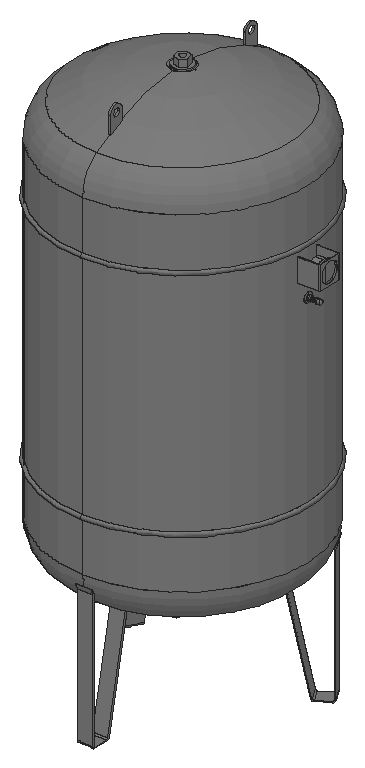
Revit family "MIT-750-ET (Vertical)", category Specialty Equipment, Revit 2022
Family settings
  Round Connector Dimension = Use Diameter
  Part Type = Normal
  Work Plane-Based = No
  Always vertical = Yes
  Cut with Voids When Loaded = No
  Maintain Annotation Orientation = No
  Shared = No
  Room Calculation Point = No
Parameters
  URL = "https://en.ekinendustriyel.com/expansion-tanks"
  Test Pressure = 15.0 bar
  Production Standard = "TS EN 13831"
  Precharge Pressure = 4.0 bar
  Operating Pressure = 10.0 bar
  Model = "MIT-750-ET_(Vertical)"
  Manufacturer = "Ekin Endüstriyel"
  Keynote = "Expension Tank"
  Description = "MIT-Expension Tank"
  Default Elevation = 0 mm
Reference planes
  plane 1 "Center (Front/Back)": y = 0
  plane 2: z = 0
  plane 3 "Center (Left/Right)": x = 0
Forms (mm)
  Revolve 1, solid, material "Ekin Endustriyel-S235JR", detail levels medium+fine
    sketch origin (0, -4294.015, 0) x (0, 1, 0) y (0, 0, 1)
      loop
        line (4294.015, 1784.336) -> (4294.015, 1782.511) -> (4331.581, 1782.511)
        arc (4331.581, 1782.511) -> (4491.062, 1750.584) -> (4637.292, 1679.378) r 638.141
        arc (4637.292, 1679.378) -> (4677.478, 1635.578) -> (4692.038, 1577.948) r 121.334
        line (4692.038, 1577.948) -> (4692.038, 495.999)
        arc (4692.038, 495.999) -> (4677.548, 438.551) -> (4637.546, 394.846) r 121.131
        arc (4637.546, 394.846) -> (4520.39, 334.098) -> (4393.201, 298.899) r 634.502
        arc (4393.201, 298.899) -> (4384.107, 292.32) -> (4374.387, 286.709) r 109.367
        line (4374.387, 286.709) -> (4294.015, 286.709) -> (4294.015, 284.852) -> (4375.078, 284.852)
        arc (4375.078, 284.852) -> (4385.154, 290.468) -> (4394.59, 297.104) r 110.567
        arc (4394.59, 297.104) -> (4521.62, 332.433) -> (4638.647, 393.176) r 636.502
        arc (4638.647, 393.176) -> (4679.309, 437.602) -> (4694.038, 495.999) r 123.131
        line (4694.038, 495.999) -> (4694.038, 654.845)
        arc (4694.038, 654.845) -> (4701.113, 661.921) -> (4694.038, 668.996) r 7.076
        line (4694.038, 668.996) -> (4694.038, 1404.845)
        arc (4694.038, 1404.845) -> (4701.113, 1411.921) -> (4694.038, 1418.996) r 7.076
        line (4694.038, 1418.996) -> (4694.038, 1577.948)
        arc (4694.038, 1577.948) -> (4679.238, 1636.528) -> (4638.39, 1681.05) r 123.334
        arc (4638.39, 1681.05) -> (4492.827, 1752.098) -> (4334.09, 1784.336) r 640.141
        line (4334.09, 1784.336) -> (4294.015, 1784.336)
      axis (4294.015, 284.852) -> (4294.015, 1784.336)
    angle from 0 to 360
  Extrusion 2, solid, material "Ekin Endustriyel-S235JR", detail levels coarse
    sketch origin (-657.432, -435.002, 307.253) x (1, 0, 0) y (0, 1, 0)
      loop
        circle (657.432, 435.002) r 120
    from -35.733 to -33.733
  Revolve 3, solid, material "Ekin Endustriyel-S235JR", detail levels fine
    sketch origin (1889.95, -0.025, 236.542) x (1, 0, 0) y (0, 0, 1)
      loop
        line (-1923.189, -7.022) -> (-1914.796, -7.022) -> (-1915.864, -6.154) -> (-1914.638, -5.158) -> (-1915.864, -4.162) -> (-1914.638, -3.165) -> (-1915.864, -2.169) -> (-1914.638, -1.173) -> (-1915.864, -0.177) -> (-1914.638, 0.82) -> (-1915.864, 1.816) -> (-1914.638, 2.812) -> (-1915.864, 3.808) -> (-1914.638, 4.804) -> (-1915.864, 5.801) -> (-1914.638, 6.797) -> (-1915.864, 7.793) -> (-1914.638, 8.789) -> (-1915.864, 9.786) -> (-1914.638, 10.782) -> (-1915.864, 11.778) -> (-1914.638, 12.774) -> (-1915.864, 13.77) -> (-1914.638, 14.767) -> (-1915.864, 15.763) -> (-1914.638, 16.759) -> (-1915.864, 17.755) -> (-1914.638, 18.752) -> (-1915.864, 19.748) -> (-1914.638, 20.744) -> (-1915.864, 21.74) -> (-1914.638, 22.736) -> (-1915.864, 23.733) -> (-1914.638, 24.729) -> (-1915.864, 25.725) -> (-1914.638, 26.721) -> (-1915.864, 27.718) -> (-1914.13, 29.126) -> (-1914.13, 33.093)
        arc (-1914.13, 33.093) -> (-1914.682, 34.426) -> (-1916.015, 34.978) r 1.885
        line (-1916.015, 34.978) -> (-1923.189, 34.978) -> (-1923.189, -7.022)
      axis (-1890, 34.978) -> (-1890, -7.022)
    angle from 0 to 360
  Extrusion 4, solid, material "Ekin Endustriyel-S235JR", detail levels fine
    sketch origin (-657.432, -435.002, 338.253) x (0, 1, 0) y (1, 0, 0)
      loop
        line (443.262, 542.469) -> (445.357, 553.247) -> (437.07, 560.451) -> (426.689, 556.876) -> (424.594, 546.098) -> (432.88, 538.895) -> (443.262, 542.469)
      loop
        line (339.571, 592.798) -> (349.952, 596.373) -> (352.047, 607.151) -> (343.761, 614.354) -> (333.379, 610.779) -> (331.284, 600.001) -> (339.571, 592.798)
      loop
        line (331.311, 707.761) -> (339.598, 700.558) -> (349.979, 704.132) -> (352.074, 714.91) -> (343.788, 722.114) -> (333.406, 718.539) -> (331.311, 707.761)
      loop
        line (426.743, 772.396) -> (424.648, 761.618) -> (432.934, 754.414) -> (443.315, 757.989) -> (445.41, 768.767) -> (437.124, 775.97) -> (426.743, 772.396)
      loop
        line (530.433, 592.798) -> (538.72, 600.001) -> (536.625, 610.779) -> (526.243, 614.354) -> (517.957, 607.151) -> (520.052, 596.373) -> (530.433, 592.798)
      loop
        line (538.693, 707.761) -> (536.598, 718.539) -> (526.216, 722.114) -> (517.93, 714.91) -> (520.025, 704.132) -> (530.406, 700.558) -> (538.693, 707.761)
    from 66.733 to 74.733
  Extrusion 5, solid, material "Ekin Endustriyel-S235JR", detail levels fine
    sketch origin (-657.432, -435.002, 300.761) x (1, 0, 0) y (0, 1, 0)
      loop
        circle (711.472, 341.424) r 6
      loop
        circle (603.471, 341.502) r 6
      loop
        circle (549.197, 435.002) r 6
      loop
        circle (603.315, 528.737) r 6
      loop
        circle (711.394, 528.581) r 6
      loop
        circle (765.512, 435.002) r 6
    from -9.143 to -29.241
  Extrusion 6, solid, material "Ekin Endustriyel-S235JR", detail levels medium
    sketch origin (1329.95, -1405.383, 267.542) x (0, 1, 0) y (1, 0, 0)
      loop
        circle (1405.357, -1330) r 33.189
      loop
        circle (1405.357, -1330) r 24.638
    from 38.022 to -3.978
  Extrusion 7, solid, material "Ekin Endustriyel-S235JR", detail levels coarse
    sketch origin (1329.95, -1405.383, 267.542) x (0, 1, 0) y (1, 0, 0)
      loop
        arc (1372.168, -1330) -> (1388.495, -1358.586) -> (1421.412, -1359.048) r 33.189
        arc (1421.412, -1359.048) -> (1422.22, -1301.414) -> (1372.168, -1330) r 33.189
    from -3.978 to 38.022
  Extrusion 8, solid, material "Ekin Endustriyel-S235JR", detail levels medium+fine
    sketch origin (-657.432, -1240.002, 338.253) x (0, 1, 0) y (1, 0, 0)
      loop
        circle (1240.002, 657.432) r 120
      loop
        circle (1146.424, 711.472) r 6
      loop
        circle (1240.002, 765.512) r 6
      loop
        circle (1333.581, 711.394) r 6
      loop
        circle (1333.737, 603.315) r 6
      loop
        circle (1240.002, 549.197) r 6
      loop
        circle (1146.502, 603.471) r 6
      loop
        circle (1131.912, 657.393) r 6
      loop
        circle (1185.934, 750.982) r 6
      loop
        circle (1294.034, 750.904) r 6
      loop
        circle (1348.209, 657.383) r 6
      loop
        circle (1294.091, 563.648) r 6
      loop
        circle (1185.981, 563.901) r 6
    from 66.733 to 64.733
  Extrusion 9, solid, material "Ekin Endustriyel-S235JR", detail levels coarse
    sketch origin (-518.446, -4269.015, 42.174) x (0, 1, 0) y (-1, 0, 0)
      loop
        circle (4269.015, -518.446) r 407
    from 239.842 to 1742.162
  Extrusion 10, solid, material "Ekin Endustriyel-S235JR", detail levels fine
    sketch origin (-910.327, -1224.015, 0) x (0, 1, 0) y (0, 0, 1)
      loop
        line (1516.423, 1711.727) -> (1516.423, 1766.695)
        arc (1516.423, 1766.695) -> (1493.908, 1789.211) -> (1471.392, 1766.695) r 22.516
        line (1471.392, 1766.695) -> (1471.392, 1733.38)
        arc (1471.392, 1733.38) -> (1494.107, 1722.968) -> (1516.423, 1711.727) r 679.266
      loop
        circle (1493.864, 1766.649) r 13.5
      loop
        arc (931.607, 1711.727) -> (953.924, 1722.968) -> (976.639, 1733.38) r 679.266
        line (976.639, 1733.38) -> (976.639, 1766.695)
        arc (976.639, 1766.695) -> (954.123, 1789.211) -> (931.607, 1766.695) r 22.516
        line (931.607, 1766.695) -> (931.607, 1711.727)
      loop
        circle (954.167, 1766.649) r 13.5
    from 906.829 to 913.828
  Extrusion 11, solid, material "Ekin Endustriyel-S235JR", detail levels medium+fine
    sketch origin (3869.844, -4745.827, 1787.155) x (0, 1, 0) y (-1, 0, 0)
      loop
        circle (4745.469, 3869.844) r 11
      loop
        line (4730.56, 3886.032) -> (4723.995, 3865.027) -> (4738.903, 3848.838) -> (4760.377, 3853.655) -> (4766.943, 3874.661) -> (4752.034, 3890.849) -> (4730.56, 3886.032)
    from 0.181 to 23
  Extrusion 12, solid, material "Ekin Endustriyel-S235JR", detail levels coarse
    sketch origin (3869.844, -4745.827, 1787.155) x (0, 1, 0) y (-1, 0, 0)
      loop
        line (4730.56, 3886.032) -> (4723.995, 3865.027) -> (4738.903, 3848.838) -> (4760.377, 3853.655) -> (4766.943, 3874.661) -> (4752.034, 3890.849) -> (4730.56, 3886.032)
    from -2.819 to 23
  Extrusion 13, solid, material "Ekin Endustriyel-S235JR", detail levels medium+fine
    sketch origin (2.097, -40.931, 0) x (-0.866025, 0.5, 0) y (0, 0, 1)
      loop
        line (412.282, 442) -> (419.025, 458.689) -> (417.171, 459.439) -> (410.282, 442.389) -> (410.282, 7)
        arc (410.282, 7) -> (408.818, 3.464) -> (405.282, 2) r 5
        line (405.282, 2) -> (357.951, 2)
        arc (357.951, 2) -> (354.804, 3.114) -> (353.06, 5.96) r 5
        line (353.06, 5.96) -> (280.957, 345.177) -> (279.001, 344.761) -> (351.108, 5.523)
        arc (351.108, 5.523) -> (353.54, 1.554) -> (357.929, 0) r 6.973
        line (357.929, 0) -> (405.325, 0)
        arc (405.325, 0) -> (410.244, 2.038) -> (412.282, 6.957) r 6.957
        line (412.282, 6.957) -> (412.282, 442)
    from 9.399 to 59.399
  Extrusion 14, solid, material "Ekin Endustriyel-S235JR", detail levels medium+fine
    sketch origin (2.097, -40.931, 0) x (0, -1, 0) y (0, 0, 1)
      loop
        line (355.812, 458.689) -> (353.957, 459.439) -> (347.069, 442.389) -> (347.069, 7)
        arc (347.069, 7) -> (345.604, 3.464) -> (342.069, 2) r 5
        line (342.069, 2) -> (294.737, 2)
        arc (294.737, 2) -> (291.591, 3.114) -> (289.847, 5.96) r 5
        line (289.847, 5.96) -> (217.744, 345.177) -> (215.788, 344.761) -> (287.895, 5.523)
        arc (287.895, 5.523) -> (290.327, 1.554) -> (294.716, 0) r 6.973
        line (294.716, 0) -> (342.112, 0)
        arc (342.112, 0) -> (347.031, 2.038) -> (349.069, 6.957) r 6.957
        line (349.069, 6.957) -> (349.069, 442) -> (355.812, 458.689)
    from -22.903 to 27.097
  Extrusion 15, solid, material "Ekin Endustriyel-S235JR", detail levels medium+fine
    sketch origin (2.097, -40.931, 0) x (0.866025, 0.5, 0) y (0, 0, 1)
      loop
        line (415.392, 458.689) -> (413.538, 459.439) -> (406.649, 442.389) -> (406.649, 7)
        arc (406.649, 7) -> (405.185, 3.464) -> (401.649, 2) r 5
        line (401.649, 2) -> (354.318, 2)
        arc (354.318, 2) -> (351.171, 3.114) -> (349.427, 5.96) r 5
        line (349.427, 5.96) -> (277.324, 345.177) -> (275.368, 344.761) -> (347.475, 5.523)
        arc (347.475, 5.523) -> (349.908, 1.554) -> (354.296, 0) r 6.973
        line (354.296, 0) -> (401.692, 0)
        arc (401.692, 0) -> (406.612, 2.038) -> (408.649, 6.957) r 6.957
        line (408.649, 6.957) -> (408.649, 442) -> (415.392, 458.689)
    from -61.496 to -11.496
  Extrusion 16, solid, material "Ekin Endustriyel-S235JR", detail levels coarse
    sketch origin (2.097, -40.931, 0) x (-0.866025, 0.5, 0) y (0, 0, 1)
      loop
        line (412.282, 282.017) -> (292.338, 282.017) -> (351.108, 5.523)
        arc (351.108, 5.523) -> (353.54, 1.554) -> (357.929, 0) r 6.973
        line (357.929, 0) -> (405.325, 0)
        arc (405.325, 0) -> (410.244, 2.038) -> (412.282, 6.957) r 6.957
        line (412.282, 6.957) -> (412.282, 282.017)
    from 9.399 to 59.399
  Extrusion 17, solid, material "Ekin Endustriyel-S235JR", detail levels coarse
    sketch origin (2.097, -40.931, 0) x (0, -1, 0) y (0, 0, 1)
      loop
        line (349.069, 282.017) -> (229.124, 282.017) -> (287.895, 5.523)
        arc (287.895, 5.523) -> (290.327, 1.554) -> (294.716, 0) r 6.973
        line (294.716, 0) -> (342.112, 0)
        arc (342.112, 0) -> (347.031, 2.038) -> (349.069, 6.957) r 6.957
        line (349.069, 6.957) -> (349.069, 282.017)
    from -22.903 to 27.097
  Extrusion 18, solid, material "Ekin Endustriyel-S235JR", detail levels coarse
    sketch origin (2.097, -40.931, 0) x (0.866025, 0.5, 0) y (0, 0, 1)
      loop
        line (408.649, 282.017) -> (288.705, 282.017) -> (347.475, 5.523)
        arc (347.475, 5.523) -> (349.908, 1.554) -> (354.296, 0) r 6.973
        line (354.296, 0) -> (401.692, 0)
        arc (401.692, 0) -> (406.612, 2.038) -> (408.649, 6.957) r 6.957
        line (408.649, 6.957) -> (408.649, 282.017)
    from -61.496 to -11.496
  Extrusion 19, solid, material "Ekin Endustriyel-S235JR", detail levels medium+fine
    sketch origin (3869.844, -4745.827, 1787.155) x (0, 1, 0) y (-1, 0, 0)
      loop
        circle (4745.827, 3869.844) r 32.5
    from -2.819 to 0.181
  Extrusion 20, solid, material "Ekin Endustriyel-S235JR", detail levels coarse
    sketch origin (171.316, -0.358, 548) x (1, 0, 0) y (0, 1, 0)
      loop
        line (226.508, -39.142) -> (298.922, -39.142) -> (298.922, 39.858) -> (226.683, 39.858)
        arc (226.683, 39.858) -> (229.034, 19.99) -> (229.819, 0) r 254.819
        arc (229.819, 0) -> (228.99, -19.641) -> (226.508, -39.142) r 233
    from 767.5 to 842.5
  Extrusion 21, solid, material "Ekin Endustriyel-S235JR", detail levels medium+fine
    sketch origin (171.316, -0.358, 548) x (1, 0, 0) y (0, 1, 0)
      loop
        line (296.322, 39.858) -> (226.683, 39.858)
        arc (226.683, 39.858) -> (226.839, 38.858) -> (226.992, 37.858) r 254.819
        line (226.992, 37.858) -> (296.322, 37.858)
        arc (296.322, 37.858) -> (296.747, 37.682) -> (296.922, 37.258) r 0.6
        line (296.922, 37.258) -> (296.922, -36.542)
        arc (296.922, -36.542) -> (296.747, -36.967) -> (296.322, -37.142) r 0.6
        line (296.322, -37.142) -> (227.098, -37.142)
        arc (227.098, -37.142) -> (226.949, -38.143) -> (226.795, -39.142) r 254.819
        line (226.795, -39.142) -> (296.322, -39.142)
        arc (296.322, -39.142) -> (298.161, -38.381) -> (298.922, -36.542) r 2.6
        line (298.922, -36.542) -> (298.922, 37.258)
        arc (298.922, 37.258) -> (298.161, 39.096) -> (296.322, 39.858) r 2.6
    from 767.5 to 842.5
  Extrusion 22, void
    sketch origin (470.238, -36.9, 548) x (0, 1, 0) y (0, 0, 1)
      loop
        circle (36.9, 805) r 32.5
    from -2 to 0
  Revolve 23, solid, material "Ekin Endustriyel-S235JR", detail levels fine
    sketch origin (171.316, -0.358, 548) x (1, 0, 0) y (0, 0, 1)
      loop
        line (230, 811.5) -> (230, 805) -> (288.499, 805) -> (288.499, 837.415) -> (283.499, 837.415) -> (283.499, 835.016) -> (279.483, 835.016)
        arc (279.483, 835.016) -> (278.774, 834.723) -> (278.48, 834.013) r 1.003
        line (278.48, 834.013) -> (253.48, 834.013) -> (253.48, 815.002) -> (252.5, 815.002)
        arc (252.5, 815.002) -> (252.139, 814.657) -> (252, 814.178) r 0.964
        line (252, 814.178) -> (252, 812.305) -> (245, 812.305) -> (245, 811.5) -> (230, 811.5)
      axis (230, 805) -> (288.499, 805)
    angle from 0 to 360
  Revolve 24, solid, material "Ekin Endustriyel-S235JR", detail levels fine
    sketch origin (170.041, -0.358, 452.286) x (1, 0, 0) y (0, 0, 1)
      loop
        line (229.96, 805) -> (275.561, 805)
        arc (275.561, 805) -> (274.758, 808.458) -> (272.513, 811.208) r 7.847
        line (272.513, 811.208) -> (261.504, 811.208) -> (261.504, 812.005) -> (260.479, 812.005) -> (260.479, 810.108) -> (259.639, 809.269) -> (258.962, 809.946) -> (258.285, 809.269) -> (257.608, 809.946) -> (256.931, 809.269) -> (256.254, 809.946) -> (255.577, 809.269) -> (254.899, 809.946) -> (254.222, 809.269) -> (253.545, 809.946) -> (252.868, 809.269) -> (252.191, 809.946) -> (251.514, 809.269) -> (250.837, 809.946) -> (250.16, 809.269) -> (249.483, 809.946) -> (248.806, 809.269) -> (248.128, 809.946) -> (247.451, 809.269) -> (246.774, 809.946) -> (246.097, 809.269) -> (245.42, 809.946) -> (244.743, 809.269) -> (244.066, 809.946) -> (243.389, 809.269) -> (242.712, 809.946) -> (242.035, 809.269) -> (241.357, 809.946) -> (240.68, 809.269) -> (240.003, 809.946) -> (239.326, 809.269) -> (238.649, 809.946) -> (237.972, 809.269) -> (237.295, 809.946) -> (236.618, 809.269) -> (235.941, 809.946) -> (235.264, 809.269) -> (234.586, 809.946) -> (233.909, 809.269) -> (233.232, 809.946) -> (232.555, 809.269) -> (232.001, 809.823) -> (232.001, 814.435) -> (232.001, 819.99) -> (229.96, 819.99) -> (229.96, 805)
      axis (229.96, 805) -> (275.561, 805)
    angle from 0 to 360
  Extrusion 25, solid, material "Ekin Endustriyel-S235JR", detail levels fine
    sketch origin (170.041, -0.358, 534.082) x (0, 1, 0) y (0, 0, 1)
      loop
        line (0.348, 732.628) -> (-7.805, 727.921) -> (-7.805, 718.507) -> (0.348, 713.8) -> (8.5, 718.507) -> (8.5, 727.921) -> (0.348, 732.628)
    from 232.001 to 240.003
  Extrusion 26, solid, material "Ekin Endustriyel-S235JR", detail levels coarse
    sketch origin (-657.432, -435.002, 315.749) x (1, 0, 0) y (0, 1, 0)
      loop
        circle (657.432, 435.002) r 120
    from -36.816 to -33.733
  Extrusion 27, solid, material "Ekin Endustriyel-S235JR", detail levels medium+fine
    sketch origin (-657.432, -1240.002, 346.749) x (0, 1, 0) y (1, 0, 0)
      loop
        circle (1240.002, 657.432) r 120
      loop
        circle (1146.424, 711.472) r 6
      loop
        circle (1240.002, 765.512) r 6
      loop
        circle (1333.581, 711.394) r 6
      loop
        circle (1333.737, 603.315) r 6
      loop
        circle (1240.002, 549.197) r 6
      loop
        circle (1146.502, 603.471) r 6
      loop
        circle (1131.912, 657.393) r 6
      loop
        circle (1185.934, 750.982) r 6
      loop
        circle (1294.034, 750.904) r 6
      loop
        circle (1348.209, 657.383) r 6
      loop
        circle (1294.091, 563.648) r 6
      loop
        circle (1185.981, 563.901) r 6
    from 67.816 to 64.733
Cuts and joins
  joined: Extrusion 4, Extrusion 5
  Extrusion 22 cuts Extrusion 21
Dimensions and locks
  aligned and locked: level to plane 2
Connectors
  piping at (-0.05, -0.025, 229.52), diameter 25.4
    settings: on Extrusion 6, index 1, connector inside diameter 609.6 mm, connector length 0 mm, flow factor 0, pipe flow 0.0 L/s, pressure drop 0.0 Pa, fitting loss kfactor 0, connector angle 0.00°, fixture units 0, engagement length 0 mm, angle of deflection 0.00°, flow configuration 0, flow direction 0, fitting loss method 0, system type 7, joint type 0, gender type 0, connector reference index -1, connector utility 0, adjustable connector no, is connector primary yes, connector description ""
